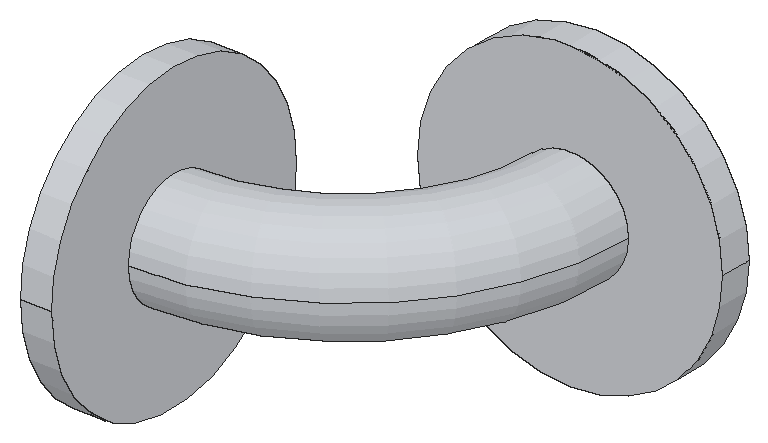
Revit family "e32f5088bb5442f9b2df552d7b48e1fd", category Pipe Fittings, Revit 2021
Family settings
  Round Connector Dimension = Use Radius
  Part Type = Elbow
  OmniClass Number = 23.60.30.11.14
  OmniClass Title = Pipework Fittings
  Seek Item ID = Elbow - Flanged - GI - Class 125-0000-USA-ENU
  Work Plane-Based = No
  Always vertical = Yes
  Cut with Voids When Loaded = No
  Shared = No
Parameters (values of type "Standard")
  Wall Thickness [instance] = size_lookup(Lookup Table Name, "WThk", 0.04 * Nominal Diameter + 5/16", Nominal Diameter)  # 0.31102"
  Tick Size [instance] = Flange Diameter * 0.4  # 1.70079"
  Loss Method = K Coefficient from Table
  Lookup Table Name = "Elbow - Flanged - GI - Class 125"
  Length 3 [instance] = Center to Face * sin(Angle)  # 3.50394"
  Length 2 [instance] = Center to Face * cos(Angle) + Center to Face  # 3.50394"
  K Coefficient Table = "Regular Flanged 90 and 180 Elbow"
  Fitting Outside Radius [instance] = Fitting Outside Diameter / 2  # 0.80315"
  Fitting Outside Diameter [instance] = Fitting Inside Diameter + Wall Thickness * 2  # 1.6063"
  Length 1 [instance] = (Fitting Outside Radius + 1/32") * tan(Angle / 2) + Flange Thickness  # 1.27141"
  Nominal Radius [instance] = 1/2"
  Nominal Diameter [instance] = Nominal Radius * 2  # 1"
  Fitting Inside Diameter [instance] = size_lookup(Lookup Table Name, "FID", 1.02 * Nominal Diameter - 11/256", Nominal Diameter)  # 0.98425"
  Default Elevation = 0' - 0"
  Center to Face 1 [instance] = size_lookup(Lookup Table Name, "CtF1", 0.68 * Nominal Diameter + 3 49/64", Nominal Diameter)  # 3.50394"
  Center to Face 2 [instance] = size_lookup(Lookup Table Name, "CtF2", 0.46 * Nominal Diameter + 1 19/32", Nominal Diameter)  # 1.77165"
  Center to Face [instance] = if(and(Angle > 0.00°, (not(Angle > 45.00°))), if(Center to Face 2 > Fitting Outside Radius * tan(Angle / 2) + Flange Thickness, Center to Face 2, Length 1), if(Center to Face 1 > Fitting Outside Radius * tan(Angle / 2) + Flange Thickness, Center to Face 1, Length 1))  # 3.50394"
  Center Radius [instance] = (Center to Face - Flange Thickness) / tan(Angle / 2)  # 3.06693"
  Flange Thickness [instance] = size_lookup(Lookup Table Name, "FThk", 0.05 * Nominal Diameter + 161/256", Nominal Diameter)  # 0.43701"
  Flange Radius [instance] = Flange Diameter / 2  # 2.12598"
  Flange Diameter [instance] = size_lookup(Lookup Table Name, "FDia", 1.19 * Nominal Diameter + 3 31/32", Nominal Diameter)  # 4.25197"
  Assembly Code = ""
  Angle [instance] = 90.00°
Reference planes (in)
  plane 1 "Center (Front/Back)": y = 0
  plane 2: z = 0
  plane 3 "Center (Left/Right)": x = 0
  plane 4: x = -3.06693
  plane 5: x = -3.50394
  plane 6: y = 3.06693
  plane 7: y = 1.70079
  plane 8: y = -1.70079
  plane 9: y = 3.50394
  plane 10: x = 0
Forms (in)
  Sweep 1, solid, detail levels fine
    path in 3D
      loop
        arc (-3.06693, 0, 0) -> (-0.89828, 0.89828, 0) -> (0, 3.06693, 0) r 3.06693
    profile origin (-0.89828, 0.89828, 0) x (-0.707107, 0.707107, 0) y (0, 0, 1)
      loop
        circle (0, 0) r 0.80315
  Sweep 2, solid, detail levels fine
    path in 3D
      loop
        line (-3.50394, 0, 0) -> (-3.06693, 0, 0)
    profile origin (-3.28543, 0, 0) x (0, 1, 0) y (0, 0, 1)
      loop
        circle (0, 0) r 2.12598
  Sweep 3, solid, detail levels fine
    path in 3D
      loop
        line (0, 3.06693, 0) -> (0, 3.50394, 0)
    profile origin (0, 3.28543, 0) x (-1, 0, 0) y (0, 0, 1)
      loop
        circle (0, 0) r 2.12598
Cuts and joins
  joined: Sweep 1, Sweep 2, Sweep 3
Lines and regions (in)
  model lines, detail levels coarse+medium
    curve 1: line (-3.50394, 0, 0) -> (-3.06693, 0, 0)
    curve 2: arc (-3.06693, 0, 0) -> (-0.89828, 0.89828, 0) -> (0, 3.06693, 0) r 3.06693
    curve 3: line (0, 3.06693, 0) -> (0, 3.50394, 0)
    curve 8: line (-3.50394, 0, 0) -> (-3.50394, 1.70079, 0)
    curve 9: line (-3.50394, 0, 0) -> (-3.50394, -1.70079, 0)
    curve 10: line (0, 3.50394, 0) -> (-1.70079, 3.50394, 0)
    curve 11: line (0, 3.50394, 0) -> (1.70079, 3.50394, 0)
  sketch lines
    curve 4: arc (-3.06693, 0, 0) -> (-0.89828, 0.89828, 0) -> (0, 3.06693, 0) r 3.06693
    curve 5: line (-3.50394, 0, 0) -> (-3.06693, 0, 0)
    curve 6: line (0, 3.06693, 0) -> (0, 3.50394, 0)
  reference lines
    curve 7: line (-3.50394, 0, 0) -> (-3.06693, 0, 0)
    curve 12: line (0, 3.50394, 0) -> (0, 3.06693, 0)
Dimensions and locks (in)
  "Center Radius": plane 6 to plane 1 "Center (Front/Back)"
  "Flange Thickness": plane 5 to plane 4
  "Tick Size": plane 7 to plane 1 "Center (Front/Back)"
  "Tick Size": plane 8 to plane 1 "Center (Front/Back)"
  "Flange Thickness": curve 3 to curve 3
  "Tick Size": curve 10 to curve 10
  "Tick Size": curve 11 to curve 11
  "Center to Face": plane 5 to plane 3 "Center (Left/Right)"
  "Length 2": plane 5 to plane 10
  "Length 3": plane 9 to plane 1 "Center (Front/Back)"
  "Center Radius": radius of curve 2
  "Fitting Outside Radius": radius of Sweep 1 sketch curve
  "Flange Radius": radius of Sweep 2 sketch curve
  "Flange Radius": radius of Sweep 3 sketch curve
  "Angle": angle curve 2 to curve 2
  "Angle": angle plane 1 "Center (Front/Back)" to curve 3
  locked: curve 11 to curve 3 (angle 90.00°)
  locked: curve 3 to curve 10 (angle 90.00°)
  "Angle": angle plane 9 to curve 12
  aligned and locked: plane 4 to curve 2
  aligned and locked: plane 5 to curve 7
  aligned and locked: plane 1 "Center (Front/Back)" to curve 7
  aligned and locked: plane 7 to curve 8
  aligned and locked: plane 1 "Center (Front/Back)" to curve 9
  aligned and locked: plane 8 to curve 9
  aligned and locked: curve 9 to plane 5
  aligned and locked: plane 10 to curve 12
  aligned and locked: plane 9 to curve 12
Automatic sketch dimensions
  Sweep 1 sketch curve to profile plane = 0' - 0"  (x2)
  Sweep 2 sketch curve to profile plane = 0' - 0"  (x2)
  Sweep 3 sketch curve to profile plane = 0' - 0"  (x2)
  curve 7 to plane 4 = 0' - 0"
Connectors (in)
  piping at (-3.50394, 0, 0), diameter 1, driven by "Angle", driven by "Nominal Radius"
    settings: on cut or joined group of Sweep 1, Sweep 2, Sweep 3, index 1, connector inside diameter 1", connector length 0' - 0", flow factor 0, pipe flow 0 GPM, pressure drop 0.00 psi, fitting loss kfactor 0, connector angle 90.00°, fixture units 0, engagement length 0' - 0", angle of deflection 0.00°, flow configuration 0, flow direction 0, fitting loss method 0, system type 28, joint type 0, gender type 0, connector reference index 2, connector utility 0, adjustable connector no, is connector primary yes, connector description ""
  piping at (0, 3.50394, 0), diameter 1, driven by "Angle", driven by "Nominal Radius"
    settings: on cut or joined group of Sweep 1, Sweep 2, Sweep 3, index 2, connector inside diameter 1", connector length 0' - 0", flow factor 0, pipe flow 0 GPM, pressure drop 0.00 psi, fitting loss kfactor 0, connector angle 90.00°, fixture units 0, engagement length 0' - 0", angle of deflection 0.00°, flow configuration 0, flow direction 0, fitting loss method 0, system type 28, joint type 0, gender type 0, connector reference index 1, connector utility 0, adjustable connector no, is connector primary no, connector description ""
